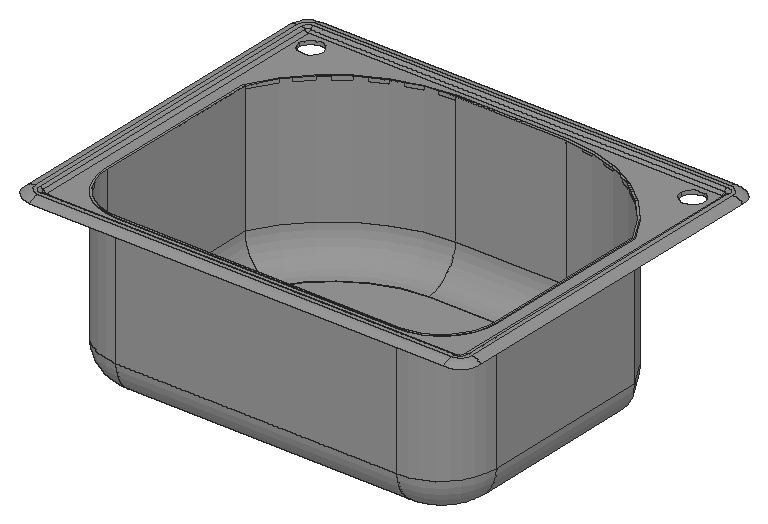
Revit family "MIT-35 SS2", category Generic Models, host Face, Revit 2013
Parameters
  Default Elevation = 1219.2 mm
Reference planes
  plane 1 "Center (Front/Back)": y = 0
  plane 2: z = 0
  plane 3 "Center (Left/Right)": x = 0
Forms (mm)
  Extrusion 1, solid
    sketch origin (0, 0, 0) x (1, 0, 0) y (0, 1, 0)
      loop
        arc (-270, 225) -> (-277.071, 222.071) -> (-280, 215) r 10
        line (-280, 215) -> (-280, -215)
        arc (-280, -215) -> (-277.071, -222.071) -> (-270, -225) r 10
        line (-270, -225) -> (270, -225)
        arc (270, -225) -> (277.071, -222.071) -> (280, -215) r 10
        line (280, -215) -> (280, 215)
        arc (280, 215) -> (277.071, 222.071) -> (270, 225) r 10
        line (270, 225) -> (-270, 225)
    from -2 to 0
  Sweep 2, solid, material "Steel, Polished"
    path origin (0, 0, 0) x (1, 0, 0) y (0, 1, 0)
      loop
        arc (-261.5, 207.5) -> (-262.207, 207.207) -> (-262.5, 206.5) r 1
        line (-262.5, 206.5) -> (-262.5, -206.5)
        arc (-262.5, -206.5) -> (-262.207, -207.207) -> (-261.5, -207.5) r 1
        line (-261.5, -207.5) -> (261.5, -207.5)
        arc (261.5, -207.5) -> (262.207, -207.207) -> (262.5, -206.5) r 1
        line (262.5, -206.5) -> (262.5, 206.5)
        arc (262.5, 206.5) -> (262.207, 207.207) -> (261.5, 207.5) r 1
        line (261.5, 207.5) -> (-261.5, 207.5)
    profile origin (0, 207.5, 0) x (0, 1, 0) y (0, 0, 1)
      loop
        arc (25.095, 0) -> (19.429, 3.789) -> (12.72, 5) r 16.713
        line (12.72, 5) -> (7.72, 5)
        arc (7.72, 5) -> (5.375, 4.393) -> (3.617, 2.726) r 4.838
        arc (3.617, 2.726) -> (2.061, 1.028) -> (0, 0) r 6.319
        line (0, 0) -> (25.095, 0)
  Extrusion 3, void
    sketch origin (0, 0, 0) x (1, 0, 0) y (0, 1, 0)
      loop
        line (-275, 219) -> (-275, -219) -> (275, -219) -> (275, 219) -> (-275, 219)
    from -444.428 to 250
  Sweep 4, solid, material "Steel, Polished"
    path origin (0, 0, 0) x (1, 0, 0) y (0, 1, 0)
      loop
        arc (-247.5, -131.5) -> (-226.997, -180.997) -> (-177.5, -201.5) r 70
        line (-177.5, -201.5) -> (177.5, -201.5)
        arc (177.5, -201.5) -> (226.997, -180.997) -> (247.5, -131.5) r 70
        line (247.5, -131.5) -> (247.5, 86.5)
        arc (247.5, 86.5) -> (174.863, 168.566) -> (70.333, 201.5) r 205.051
        line (70.333, 201.5) -> (-70.333, 201.5)
        arc (-70.333, 201.5) -> (-174.863, 168.566) -> (-247.5, 86.5) r 205.051
        line (-247.5, 86.5) -> (-247.5, -131.5)
    profile origin (-247.5, -22.5, 0) x (-1, 0, 0) y (0, 0, 1)
      loop
        line (0, 0) -> (-2, 0) -> (-2, -165)
        arc (-2, -165) -> (-14.594, -195.406) -> (-45, -208) r 43
        line (-45, -208) -> (-45, -210)
        arc (-45, -210) -> (-13.18, -196.82) -> (0, -165) r 45
        line (0, -165) -> (0, 0)
  Extrusion 5, solid, material "Steel, Polished"
    sketch origin (0, 0, 0) x (1, 0, 0) y (0, 1, 0)
      loop
        line (-202.5, 75.424) -> (-202.5, -131.5)
        arc (-202.5, -131.5) -> (-195.178, -149.178) -> (-177.5, -156.5) r 25
        line (-177.5, -156.5) -> (177.5, -156.5)
        arc (177.5, -156.5) -> (195.178, -149.178) -> (202.5, -131.5) r 25
        line (202.5, -131.5) -> (202.5, 75.424)
        arc (202.5, 75.424) -> (146.53, 133.232) -> (69.504, 156.5) r 160.051
        line (69.504, 156.5) -> (-69.504, 156.5)
        arc (-69.504, 156.5) -> (-146.53, 133.232) -> (-202.5, 75.424) r 160.051
    from -208 to -210
  Extrusion 6, solid, material "Steel, Polished"
    sketch origin (0, 0, 0) x (1, 0, 0) y (0, 1, 0)
      loop
        line (-245.5, 86.037) -> (-245.5, -131.5)
        arc (-245.5, -131.5) -> (-225.583, -179.583) -> (-177.5, -199.5) r 68
        line (-177.5, -199.5) -> (177.5, -199.5)
        arc (177.5, -199.5) -> (225.583, -179.583) -> (245.5, -131.5) r 68
        line (245.5, -131.5) -> (245.5, 86.037)
        arc (245.5, 86.037) -> (173.595, 167.005) -> (70.298, 199.5) r 203.051
        line (70.298, 199.5) -> (-70.281, 199.501)
        arc (-70.281, 199.501) -> (-173.588, 167.01) -> (-245.5, 86.037) r 203.051
      loop
        line (262.5, 207.5) -> (-262.5, 207.5) -> (-262.5, -207.5) -> (262.5, -207.5) -> (262.5, 207.5)
    from 0 to -4.172
  Extrusion 7, void
    sketch origin (0, 0, 0) x (1, 0, 0) y (0, 1, 0)
      loop
        circle (-241.25, 185.875) r 15
      loop
        circle (241.25, 185.875) r 15
    from 43.955 to -93.624
  Extrusion 8, solid, material "Steel, Polished"
    sketch origin (0, 0, 0) x (1, 0, 0) y (0, 1, 0)
      loop
        circle (0, -17.295) r 35
      loop
        circle (0, -17.295) r 25
    from -207.24 to -210
  Extrusion 9, void
    sketch origin (0, 0, 0) x (1, 0, 0) y (0, 1, 0)
      loop
        line (-6.47, 6.853) -> (-1.294, -12.466)
        arc (-1.294, -12.466) -> (-0.653, -12.338) -> (0, -12.295) r 5
        line (0, -12.295) -> (0, 7.705)
        arc (0, 7.705) -> (-3.263, 7.491) -> (-6.47, 6.853) r 25
    from -91.216 to -445.062
  Extrusion 10, void
    sketch origin (8.648, -2.317, 0) x (0.866025, -0.5, 0) y (0.5, 0.866025, 0)
      loop
        line (-6.47, 6.853) -> (-1.294, -12.466)
        arc (-1.294, -12.466) -> (-0.653, -12.338) -> (0, -12.295) r 5
        line (0, -12.295) -> (0, 7.705)
        arc (0, 7.705) -> (-3.263, 7.491) -> (-6.47, 6.853) r 25
    from -91.216 to -445.062
  Extrusion 11, void
    sketch origin (-8.648, -2.317, 0) x (0.866025, 0.5, 0) y (-0.5, 0.866025, 0)
      loop
        line (-6.47, 6.853) -> (-1.294, -12.466)
        arc (-1.294, -12.466) -> (-0.653, -12.338) -> (0, -12.295) r 5
        line (0, -12.295) -> (0, 7.705)
        arc (0, 7.705) -> (-3.263, 7.491) -> (-6.47, 6.853) r 25
    from -91.216 to -445.062
  Extrusion 12, void
    sketch origin (-14.978, -8.648, 0) x (0.5, 0.866025, 0) y (-0.866025, 0.5, 0)
      loop
        line (-6.47, 6.853) -> (-1.294, -12.466)
        arc (-1.294, -12.466) -> (-0.653, -12.338) -> (0, -12.295) r 5
        line (0, -12.295) -> (0, 7.705)
        arc (0, 7.705) -> (-3.263, 7.491) -> (-6.47, 6.853) r 25
    from -91.216 to -445.062
  Extrusion 13, void
    sketch origin (-17.295, -17.295, 0) x (0, 1, 0) y (-1, 0, 0)
      loop
        line (-6.47, 6.853) -> (-1.294, -12.466)
        arc (-1.294, -12.466) -> (-0.653, -12.338) -> (0, -12.295) r 5
        line (0, -12.295) -> (0, 7.705)
        arc (0, 7.705) -> (-3.263, 7.491) -> (-6.47, 6.853) r 25
    from -91.216 to -445.062
  Extrusion 14, void
    sketch origin (-14.978, -25.943, 0) x (-0.5, 0.866025, 0) y (-0.866025, -0.5, 0)
      loop
        line (-6.47, 6.853) -> (-1.294, -12.466)
        arc (-1.294, -12.466) -> (-0.653, -12.338) -> (0, -12.295) r 5
        line (0, -12.295) -> (0, 7.705)
        arc (0, 7.705) -> (-3.263, 7.491) -> (-6.47, 6.853) r 25
    from -91.216 to -445.062
  Extrusion 15, void
    sketch origin (-8.648, -32.274, 0) x (-0.866025, 0.5, 0) y (-0.5, -0.866025, 0)
      loop
        line (-6.47, 6.853) -> (-1.294, -12.466)
        arc (-1.294, -12.466) -> (-0.653, -12.338) -> (0, -12.295) r 5
        line (0, -12.295) -> (0, 7.705)
        arc (0, 7.705) -> (-3.263, 7.491) -> (-6.47, 6.853) r 25
    from -91.216 to -445.062
  Extrusion 16, void
    sketch origin (0, -34.591, 0) x (-1, 0, 0) y (0, -1, 0)
      loop
        line (-6.47, 6.853) -> (-1.294, -12.466)
        arc (-1.294, -12.466) -> (-0.653, -12.338) -> (0, -12.295) r 5
        line (0, -12.295) -> (0, 7.705)
        arc (0, 7.705) -> (-3.263, 7.491) -> (-6.47, 6.853) r 25
    from -91.216 to -445.062
  Extrusion 17, void
    sketch origin (8.648, -32.274, 0) x (-0.866025, -0.5, 0) y (0.5, -0.866025, 0)
      loop
        line (-6.47, 6.853) -> (-1.294, -12.466)
        arc (-1.294, -12.466) -> (-0.653, -12.338) -> (0, -12.295) r 5
        line (0, -12.295) -> (0, 7.705)
        arc (0, 7.705) -> (-3.263, 7.491) -> (-6.47, 6.853) r 25
    from -91.216 to -445.062
  Extrusion 18, void
    sketch origin (14.978, -25.943, 0) x (-0.5, -0.866025, 0) y (0.866025, -0.5, 0)
      loop
        line (-6.47, 6.853) -> (-1.294, -12.466)
        arc (-1.294, -12.466) -> (-0.653, -12.338) -> (0, -12.295) r 5
        line (0, -12.295) -> (0, 7.705)
        arc (0, 7.705) -> (-3.263, 7.491) -> (-6.47, 6.853) r 25
    from -91.216 to -445.062
  Extrusion 19, void
    sketch origin (17.295, -17.295, 0) x (0, -1, 0) y (1, 0, 0)
      loop
        line (-6.47, 6.853) -> (-1.294, -12.466)
        arc (-1.294, -12.466) -> (-0.653, -12.338) -> (0, -12.295) r 5
        line (0, -12.295) -> (0, 7.705)
        arc (0, 7.705) -> (-3.263, 7.491) -> (-6.47, 6.853) r 25
    from -91.216 to -445.062
  Extrusion 20, void
    sketch origin (14.978, -8.648, 0) x (0.5, -0.866025, 0) y (0.866025, 0.5, 0)
      loop
        line (-6.47, 6.853) -> (-1.294, -12.466)
        arc (-1.294, -12.466) -> (-0.653, -12.338) -> (0, -12.295) r 5
        line (0, -12.295) -> (0, 7.705)
        arc (0, 7.705) -> (-3.263, 7.491) -> (-6.47, 6.853) r 25
    from -91.216 to -445.062
Cuts and joins
  Extrusion 3 cuts Extrusion 1
  Extrusion 7 cuts Extrusion 6
  Extrusion 7, Extrusion 9, Extrusion 10, Extrusion 11, Extrusion 12, Extrusion 13, Extrusion 14, Extrusion 15, Extrusion 16, Extrusion 17, Extrusion 18, Extrusion 19, Extrusion 20 cuts Extrusion 5
  Extrusion 10, Extrusion 11, Extrusion 12, Extrusion 13, Extrusion 14, Extrusion 15, Extrusion 16, Extrusion 17, Extrusion 18, Extrusion 19, Extrusion 20 cuts Extrusion 8
Lines and regions (mm)
  reference lines
    curve 1: line (0, 2097.409, 5) -> (0, -3902.591, 5)
    curve 2: line (-1599.2, 0, -2) -> (3900.8, 0, -2)
    curve 3: line (-1599.2, 0, 5) -> (3900.8, 0, 5)
    curve 4: line (-1599.2, 0, -210) -> (3900.8, 0, -210)
Dimensions and locks
  aligned and locked: plane 2 to host face
  aligned and locked: level to host face
